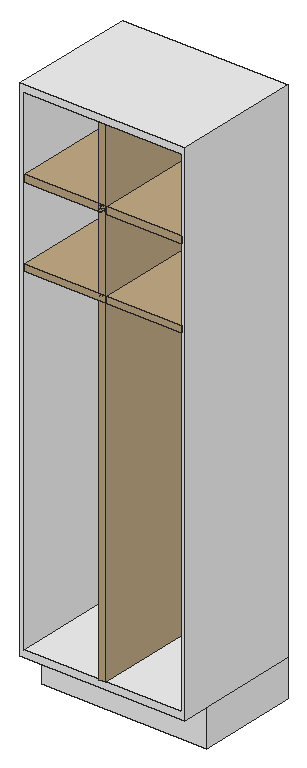
Revit family
Parameters (values of type "Elementary 18"")
  Subcategory = "Fixed Casework"  # constant formula
  SmartBIM Object Version = 3  # constant formula
  SmartBIM Object Created By = "Reed Construction Data"  # constant formula
  Shelves = Shelves wood
  Material = Cabinets
  Depth = 1' - 2"
  Height = 5' - 0"
  Width = 1' - 6"
  Assembly Code = "E2010200"
  95 CSI = "12350-400"  # constant formula
  04 CSI = "12 35 50.13"  # constant formula
Reference planes (in)
  plane 1 "Back": y = 0
  plane 2: z = 0
  plane 3 "Center (Left/Right)": x = 0.7377
  plane 4 "Left": x = -8.2623
  plane 5 "Right": x = 9.7377
  plane 6 "Front": y = -14
  plane 7 "Top": z = 60
  plane 8: x = -7.8873
  plane 9: x = 9.3627
  plane 10: z = 59.25
  plane 11: z = 4
  plane 12: z = 51.25
  plane 13: z = 50.5
  plane 14: z = 42.5
  plane 15: z = 41.75
  plane 16: x = 0.3627
  plane 17: x = 1.1127
  plane 18: y = -11
Forms (in)
  Extrusion 1, solid, material "Cabinets" <- "Material"
    sketch origin (0, -24, 0) x (1, 0, 0) y (0, 0, 1)
      loop
        line (-8.2623, 4) -> (9.7377, 4) -> (9.7377, 60) -> (-8.2623, 60) -> (-8.2623, 4)
      loop
        line (-7.8873, 59.25) -> (-7.8873, 4.75) -> (9.3627, 4.75) -> (9.3627, 59.25) -> (-7.8873, 59.25)
    from -24 to -10
  Extrusion 2, solid, material "Cabinets" <- "Material"
    sketch origin (0, -8, 0) x (1, 0, 0) y (0, 0, 1)
      loop
        line (-8.2623, 4) -> (-8.2623, 0) -> (9.7377, 0) -> (9.7377, 4) -> (-8.2623, 4)
    from -8 to 3
  Extrusion 3, solid, material "Shelves wood" <- "Shelves"
    sketch origin (0, -12, 0) x (1, 0, 0) y (0, 0, 1)
      loop
        line (-7.8873, 51.25) -> (-7.8873, 50.5) -> (9.3627, 50.5) -> (9.3627, 51.25) -> (-7.8873, 51.25)
    from -12 to 2
  Extrusion 4, solid, material "Shelves wood" <- "Shelves"
    sketch origin (0, -12, -8.75) x (1, 0, 0) y (0, 0, 1)
      loop
        line (-7.8873, 51.25) -> (-7.8873, 50.5) -> (9.3627, 50.5) -> (9.3627, 51.25) -> (-7.8873, 51.25)
    from -12 to 2
  Extrusion 5, solid, material "Shelves wood" <- "Shelves"
    sketch origin (0, -12, 0) x (1, 0, 0) y (0, 0, 1)
      loop
        line (0.3627, 59.25) -> (0.3627, 4.75) -> (1.1127, 4.75) -> (1.1127, 59.25) -> (0.3627, 59.25)
    from -12 to 2
Lines and regions (in)
  symbolic lines, style "Casework"
    curve 1: line (-8.2623, 0, 0) -> (9.7377, 0, 0)
    curve 2: line (-8.2623, -14, 0) -> (-8.2623, 0, 0)
    curve 3: line (9.7377, -14, 0) -> (-8.2623, -14, 0)
    curve 4: line (9.7377, 0, 0) -> (9.7377, -14, 0)
Dimensions and locks (in)
  "Depth": plane 6 "Front" to plane 1 "Back"
  "Width": plane 4 "Left" to plane 5 "Right"
  equal spacing: plane 4 "Left", plane 3 "Center (Left/Right)", plane 5 "Right"
  "Height": level to plane 7 "Top"
  locked: plane 4 "Left" to plane 8 at 0.375
  locked: plane 9 to plane 5 "Right" at 0.375
  locked: Extrusion 1 to Extrusion 1 at 0.75
  locked: plane 7 "Top" to plane 10 at 0.75
  plane 11 to level = 0' - 4"
  plane 10 to plane 12 = 0' - 8"
  plane 12 to plane 13 = 0' - 0 3/4"
  locked: plane 13 to plane 14 at 8
  locked: plane 14 to plane 15 at 0.75
  equal spacing: plane 17, plane 3 "Center (Left/Right)", plane 16
  locked: Extrusion 5 to Extrusion 5 at 0.75
  locked: plane 18 to plane 6 "Front" at 3
  aligned and locked: plane 8 to Extrusion 1
  aligned and locked: plane 4 "Left" to Extrusion 1
  aligned and locked: Extrusion 1 to plane 9
  aligned and locked: plane 6 "Front" to Extrusion 1
  aligned and locked: Extrusion 1 to plane 1 "Back"
  aligned and locked: Extrusion 1 to plane 7 "Top"
  aligned and locked: Extrusion 1 to plane 10
  aligned and locked: plane 11 to Extrusion 2
  aligned and locked: plane 4 "Left" to Extrusion 2
  aligned and locked: Extrusion 2 to plane 5 "Right"
  aligned and locked: Extrusion 2 to level
  aligned and locked: plane 12 to Extrusion 3
  aligned and locked: Extrusion 3 to plane 13
  aligned and locked: Extrusion 3 to plane 8
  aligned and locked: plane 9 to Extrusion 3
  aligned and locked: Extrusion 4 to plane 8
  aligned and locked: plane 9 to Extrusion 4
  aligned and locked: plane 14 to Extrusion 4
  aligned and locked: Extrusion 4 to plane 15
  aligned and locked: Extrusion 4 to plane 1 "Back"
  aligned and locked: plane 6 "Front" to Extrusion 4
  aligned and locked: Extrusion 5 to plane 1 "Back"
  aligned and locked: plane 6 "Front" to Extrusion 5
  aligned and locked: Extrusion 1 to Extrusion 3  (x2)
  aligned and locked: plane 18 to Extrusion 2
  aligned and locked: curve 1 to Extrusion 1  (x2)
  aligned and locked: Extrusion 1 to curve 4
  aligned and locked: curve 4 to Extrusion 1
Automatic sketch dimensions
  Extrusion 1 sketch curve to plane 4 "Left" = 0' - 0"
  Extrusion 1 sketch curve to plane 8 = 0' - 0"
  Extrusion 1 sketch curve to plane 9 = 0' - 0"
  Extrusion 1 sketch curve to plane 5 "Right" = 0' - 0"
  Extrusion 1 sketch curve to plane 11 = 0' - 0"
  Extrusion 1 sketch curve to plane 10 = 0' - 0"
  Extrusion 1 sketch curve to plane 7 "Top" = 0' - 0"
  plane 11 to Extrusion 1 sketch curve = 0' - 0 3/4"
  Extrusion 2 sketch curve to level = 0' - 0"
  Extrusion 2 sketch curve to plane 4 "Left" = 0' - 0"
  Extrusion 2 sketch curve to plane 5 "Right" = 0' - 0"
  Extrusion 2 sketch curve to plane 11 = 0' - 0"
  Extrusion 3 sketch curve to plane 8 = 0' - 0"
  Extrusion 3 sketch curve to plane 9 = 0' - 0"
  Extrusion 3 sketch curve to plane 13 = 0' - 0"
  Extrusion 3 sketch curve to plane 12 = 0' - 0"
  Extrusion 4 sketch curve to plane 8 = 0' - 0"
  Extrusion 4 sketch curve to plane 9 = 0' - 0"
  Extrusion 4 sketch curve to plane 15 = 0' - 0"
  Extrusion 4 sketch curve to plane 14 = 0' - 0"
  plane 15 to Extrusion 5 sketch curve = 1' - 5 1/2"
  Extrusion 5 sketch curve to plane 16 = 0' - 0"
  Extrusion 5 sketch curve to plane 17 = 0' - 0"
  plane 11 to Extrusion 5 sketch curve = 0' - 0 3/4"
